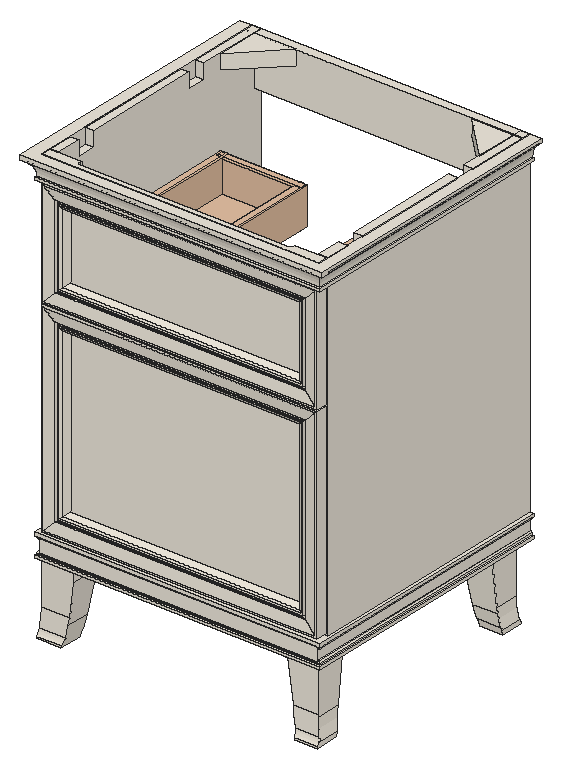
Revit family "Furniture-Floor_Mount-Vanity-KOHLER-Artifacts-K-29469_1", category Casework, host Face, Revit 2021 (continued)
Definition of nested family "K-29469"
  Lines and regions (in)
    symbolic lines, detail levels medium+fine
      curve 224: line (9.96075, 0, 22.99264) -> (9.96075, 0, 8.74115)
      curve 225: line (9.94106, 0, 22.97296) -> (9.94106, 0, 8.76083)
      curve 226: line (9.78358, 0, 22.81548) -> (9.78358, 0, 8.91831)
      curve 227: line (9.7639, 0, 22.79579) -> (9.7639, 0, 8.938)
      curve 228: line (9.64579, 0, 22.67768) -> (9.64579, 0, 9.05611)
      curve 229: line (9.44894, 0, 22.48083) -> (9.44894, 0, 9.25296)
      curve 230: line (9.40957, 0, 22.44146) -> (9.40957, 0, 9.29233)
      curve 231: line (10.945, 0, 7.7569) -> (10.945, 0, 23.9769)
      curve 232: line (10.82689, 0, 23.85879) -> (10.82689, 0, 7.87501)
      curve 233: line (10.945, 0, 7.7569) -> (9.3702, 0, 9.3317)
      curve 234: line (10.86633, 0, 5.55403) -> (8.50413, 0, 5.55403)
      curve 235: line (8.333, 0, 5.55403) -> (8.333, 0, 5.82787)
      curve 236: line (10.74475, 0, 0.11905) -> (9.95735, 0, 0.11905)
      curve 237: line (11.17786, 0, 0.23716) -> (9.33511, 0, 0.23716)
      curve 238: line (-10.86633, 0, 5.55403) -> (-8.50413, 0, 5.55403)
      curve 239: line (-10.74475, 0, 0.11905) -> (-9.95735, 0, 0.11905)
      curve 240: line (-11.17786, 0, 0.23716) -> (-9.33511, 0, 0.23716)
      curve 241: line (0, -10.94488, 34.29244) -> (0, 10.94488, 34.29244)
      curve 242: line (0, -10.31496, 33.0326) -> (0, 10.94488, 33.0326)
      curve 243: line (0, -9.2913, 32.79638) -> (0, 10.94488, 32.79638)
      curve 244: line (0, 9.51265, 0.11811) -> (0, 8.91254, 0.11811)
      curve 245: line (0, 9.96048, 0.23716) -> (0, 8.11732, 0.23716)
      curve 246: line (0, -9.82645, 0.11811) -> (0, -8.91254, 0.11811)
      curve 247: line (0, -8.43228, 0.23716) -> (0, -10.27428, 0.23716)
      curve 248: line (0, 6.74649, 5.55302) -> (0, 9.64542, 5.55302)
      curve 249: line (0, 9.64552, 5.82749) -> (0, 5.38426, 5.82749)
      curve 250: line (0, 6.92864, 5.82749) -> (0, 6.92864, 5.55302)
      curve 251: line (0, -5.69806, 5.82787) -> (0, -10.15712, 5.82787)
      curve 252: line (0, -7.56634, 5.55302) -> (0, -9.95926, 5.55302)
      curve 253: line (0, -6.99564, 5.82787) -> (0, -6.99564, 5.55302)
      curve 254: line (0, -10.35444, 6.06387) -> (0, 10.94348, 6.06387)
      curve 255: line (0, -10.35444, 6.18187) -> (0, 10.94507, 6.18187)
      curve 256: line (0, -10.15748, 6.30031) -> (0, 10.94488, 6.30031)
      curve 257: line (0, -10.15748, 7.16645) -> (0, 10.94488, 7.16645)
      curve 258: line (0, -10.35444, 7.2849) -> (0, 10.94415, 7.2849)
      curve 259: line (0, -10.35444, 7.4029) -> (0, 10.94584, 7.4029)
      curve 260: line (0, -9.21273, 7.6389) -> (0, 10.94488, 7.6389)
      curve 261: line (0, -9.3306, 24.8823) -> (0, -9.3306, 32.6779)
      curve 262: line (0, -9.2126, 32.67787) -> (0, -9.2126, 24.8823)
      curve 263: line (0, -9.3306, 15.69985) -> (0, -9.3306, 9.29233)
      curve 264: line (0, -9.2126, 9.30651) -> (0, -9.2126, 15.80257)
  Dimensions and locks (in)
    plane 4 to plane 5 = 21.88976"
    plane 4 to plane 7 = 1.29921"
    plane 8 to plane 9 = 18.4252"
    plane 13 to plane 12 = 24.01575"
    plane 15 to plane 14 "a" = 20.70866"
    plane 16 to plane 10 = 12.16535"
    plane 17 to plane 16 = 18.38583"
    aligned and locked: level to plane 2
Types (6): name | Type | Model | Product Finish | Finish
  (no name) | 1 | "K-29469-1WA" | Kohler-Wood-1WA-Linen_White | "Kohler-Wood-1WA-Linen White"
  1WA-Linen White | 1 | "K-29469-1WA" | Kohler-Wood-1WA-Linen_White | "Kohler-Wood-1WA-Linen White"
  1WX-New Dark Grey | 2 | "K-29469-1WX" | KOHLER-Wood-1WX-New_Dark_Grey | "Kohler-Wood-1WX-New_Dark_Grey"
  AGA-Ash Grey | 3 | "K-29469-AGA" | KOHLER-Wood-AGA-Ash_Grey | "KOHLER-Wood-AGA-Ash_Grey"
  WEK-Weathered Oak | 5 | "K-29469-WEK" | KOHLER-Wood-WEK-Weathered_Oak | "KOHLER-Wood-WEK-Weathered_Oak"
  BWK-Carbon Oak | 4 | "K-29469-BWK" | KOHLER-Wood-BWK-Carbon_Oak | "KOHLER-Wood-BWK-Carbon_Oak"
